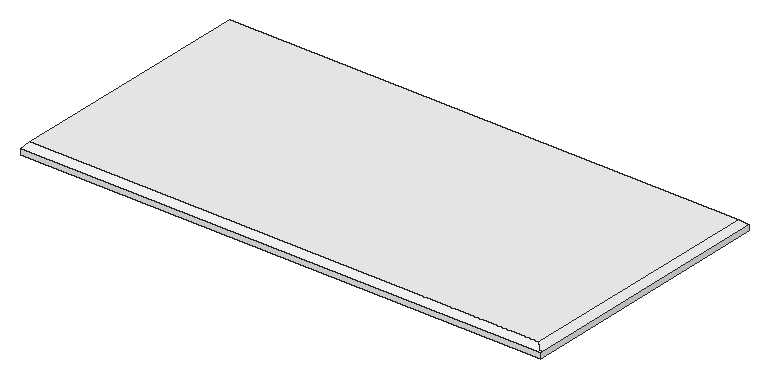
Revit family "Fabrisorb Panels - Half-Bevel", category Specialty Equipment, Revit 2023
Family settings
  Round Connector Dimension = Use Diameter
  Part Type = Normal
  OmniClass Number = 23.35.00.00
  OmniClass Title = Covering, Cladding, and Finishes
  Work Plane-Based = Yes
  Enable Cutting in Views = Yes
  Always vertical = No
  Cut with Voids When Loaded = No
  Maintain Annotation Orientation = No
  Shared = No
  Room Calculation Point = No
Parameters (values of type "2 INCH THICK - 48X96")
  URL = "https://www.acousticalsurfaces.com/fabric_panel/fabric-wrapped-wall-panels.html"
  Type Comments = "Fabric Wrapped Acoustical Panels"
  Thickness = 0' - 2"
  Recycled Content Percentage = "0%"
  Model = "Fabrisorb Absorptive Fabric Wrapped Acoustical Panels"
  Material = "Fabrisorb"
  Manufacturer = "Acoustical Surfaces, Inc."
  Fire Rating = "ASTM E84 - Class A"
  Finish = Guilford of Maine Anchorage or FR701 Acoustic Fabric
  Description = "Fabric Wrapped Acoustical Panels"
  Default Elevation = 4' - 0"
  Width = 4' - 0"
  Length = 8' - 0"
  Assembly Code = "C30"
  Acoustics - NRC = "Sound absorption varies from NRC 0.45 to 0.95 based on installation method used when tested per ASTM C423."
  A = Thickness / 2  # 0' - 1"
Types (6): name | Thickness | Width | Length | A
  2 INCH THICK - 48X96 | 0' - 2" | 4' - 0" | 8' - 0" | 0' - 1"
  2 INCH THICK - 24X48 | 0' - 2" | 2' - 0" | 4' - 0" | 0' - 1"
  2 INCH THICK - 24X24 | 0' - 2" | 2' - 0" | 2' - 0" | 0' - 1"
  1 INCH THICK - 48X96 | 0' - 1" | 4' - 0" | 8' - 0" | 0' - 0 1/2"
  1 INCH THICK - 24X48 | 0' - 1" | 2' - 0" | 4' - 0" | 0' - 0 1/2"
  1 INCH THICK - 24X24 | 0' - 1" | 2' - 0" | 2' - 0" | 0' - 0 1/2"
Reference planes (in)
  plane 1 "Center (Front/Back)": y = 0
  plane 2: z = 0
  plane 3 "Center (Left/Right)": x = 0
  plane 4: x = -48
  plane 5: x = 48
  plane 6: y = 24
  plane 7: y = -24
  plane 8: z = 2
Forms (in)
  Extrusion 1, solid, material "Guilford of Maine Anchorage or FR701 Acoustic Fabric" <- "Finish"
    sketch origin (0, 0, 0) x (1, 0, 0) y (0, 1, 0)
      loop
        line (48, 24) -> (-48, 24) -> (-48, -24) -> (48, -24) -> (48, 24)
    from 0 to 2
  Sweep 2, void
    path in 3D
      loop
        line (48, 24, 2) -> (-48, 24, 2) -> (-48, -24, 2) -> (48, -24, 2) -> (48, 24, 2)
    profile "Triangle : Family2" origin (48, 0, 2) x (-1, 0, 0) y (0, 0, 1)
      loop
        line (1, 0) -> (0, 0) -> (0, -1) -> (1, 0)
Cuts and joins
  Sweep 2 cuts Extrusion 1
Lines and regions (in)
  sketch lines
    curve 1: line (48, -24, 2) -> (48, 24, 2)
    curve 2: line (-48, -24, 2) -> (48, -24, 2)
    curve 3: line (-48, 24, 2) -> (-48, -24, 2)
    curve 4: line (48, 24, 2) -> (-48, 24, 2)
Dimensions and locks (in)
  equal spacing: plane 4, plane 3 "Center (Left/Right)", plane 5
  equal spacing: plane 7, plane 1 "Center (Front/Back)", plane 6
  "Width": plane 7 to plane 6
  "Length": plane 4 to plane 5
  "Thickness": plane 8 to level
  aligned and locked: level to plane 2
  aligned and locked: Extrusion 1 sketch curve to plane 4
  aligned and locked: plane 5 to Extrusion 1 sketch curve
  aligned and locked: Extrusion 1 sketch curve to plane 6
  aligned and locked: Extrusion 1 sketch curve to plane 7
  aligned and locked: Extrusion 1 to plane 8
